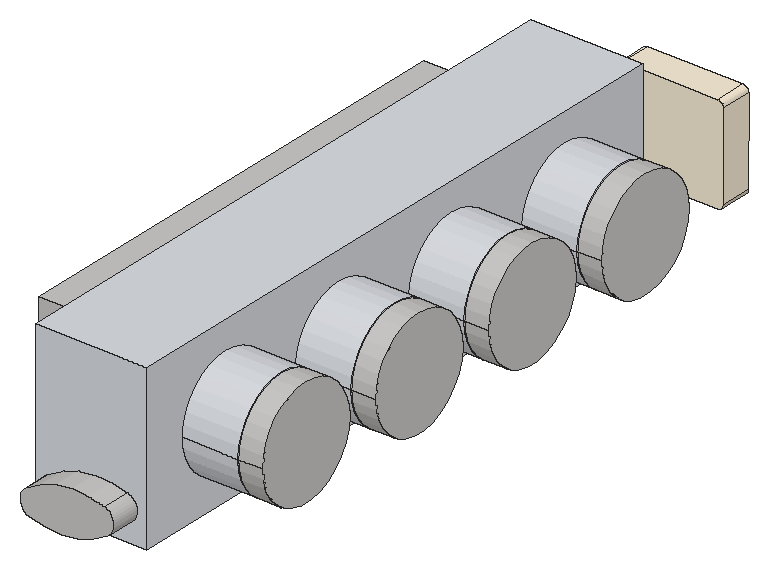
Revit family "HVAC_Ductwork_Airzone_Motorized-Plenum_Mitsubishi-Heavy_Standard_4-Dampers", category Mechanical Equipment, Revit 2016
Family settings
  Part Type = Normal
  Round Connector Dimension = Use Diameter
  OmniClass Number = 23.75.70.14
  OmniClass Title = Air Ductwork
  Work Plane-Based = No
  Always vertical = Yes
  Cut with Voids When Loaded = No
  Shared = No
  Room Calculation Point = No
Parameters (values of type "MHIST01M4")
  Voltage = 230 V
  URL = "www.airzone.es"
  Type Image Comments = "Image available in product documentation download"  # constant formula
  Revit Model Version = "1.0"  # constant formula
  Revit Model Author URL = "www.a3d.es"
  Revit Model Author = "A3D Consulting"  # constant formula
  Product Documentation Download URL = "http://doc.airzone.es/BIM/Easyzone/Mitsubishi_Heavy-Airzone_motorized_plenum.zip"
  Product Comments = "Refer to technical documentation for further details"  # constant formula
  Power Factor = 1
  Neck Width = 886.000 mm
  Neck Length = 95.000 mm
  Neck Height = 176.000 mm
  Material = Metal - AIRZONE - Galvanized Sheet - Semi-polished
  Main Control Board Material = Plastic - AIRZONE - Smooth - Off-white
  Load Classification = Other
  Insulated Body Width = 205.000 mm  # constant formula
  Insulated Body Material = Metal -AIRZONE - Insulating Lining -Aluminum Finish
  Insulated Body Length = 1140.000 mm  # constant formula
  Insulated Body Height = 300.000 mm  # constant formula
  Flow [instance] = Damper 4 Air Flow + Damper 3 Air Flow + Damper 2 Air Flow + Damper 1 Air Flow - Fresh Air Inlet 2 Flow - Fresh Air Inlet 1 Flow  # 1200 m³/h
  Fresh Air Inlet 1 Flow [instance] = 0 m³/h
  Fresh Air Inlet 2 Flow [instance] = 0 m³/h
  Fresh Air Inlet Connection Width = 175.000 mm
  Fresh Air Inlet Connection Height = 75.000 mm
  Model = "MHIST01M4"
  Neck Side Offset = 127.000 mm
  Neck Bottom Offset = 79.000 mm
  Type Image = <None>
  Manufacturer = "AIRZONE"  # constant formula
  Main Control Board Depth = 57.000 mm  # constant formula
  Main Control Board Width = 195.000 mm  # constant formula
  Main Control Board Height = 180.000 mm  # constant formula
  Fixing = ""
  Disclaimer = "All information provided in this model is reviewed before being published. However, Airzone cannot guarantee this model is error-free, therefore users are strongly encouraged to check for technical documentation and updates"  # constant formula
  Description = "Airzone standard motorized plenum with neck that mechanically adapts to the main ducted AC units of Mitsubishi Heavy."
  Type Comments = ""
  Dampers Length = 149.000 mm  # constant formula
  Dampers Diameter = 200.000 mm  # constant formula
  Damper 4 Air Flow [instance] = 300 m³/h
  Damper 1 Air Flow [instance] = 300 m³/h
  Damper 2 Air Flow [instance] = 300 m³/h
  Damper 3 Air Flow [instance] = 300 m³/h
  Fresh Air Inlet Connection Offset Height = 48.305 mm  # constant formula
  Compatible Accesories = ""
  Apparent Load = 57.5 VA
Types (2, lengths in mm): name | Neck Width | Model | Neck Side Offset
  MHIST01M4 | 886.000 | "MHIST01M4" | 127.000
  MHIST01S4 | 686.000 | "MHIST01S4" | 227.000
Reference planes
  plane 1 "Center (Front/Back)": y = 0
  plane 2 "Center (Elevation)": z = 0
  plane 3 "Center (Left/Right)": x = 0
  plane 4 "Neck Back": y = 443
  plane 5 "Neck Front": y = -443
  plane 6 "Neck Top": z = 88
  plane 7 "Neck Bottom": z = -88
  plane 8 "Left": x = 95
  plane 9 "Bottom": z = -167
  plane 10 "Top": z = 133
  plane 11 "Front": y = -570
  plane 12 "Back": y = 570
  plane 13 "Right": x = 300
  plane 14 "Dampers Front": x = 449
  plane 15 "Dampers Center (Elevation)": z = -17
  plane 16 "Damper3": y = -130
  plane 17 "Damper2": y = 130
  plane 18 "Damper1": y = 390
  plane 19 "Middle": y = 0
  plane 20 "FreshAir Center (Elevation)": z = -118.695
  plane 21 "FreshAir1": y = 622.5
  plane 22 "FreshAir2": y = -622.5
  plane 23 "Dampers Lining": x = 404
  plane 24 "FreshAir Vertical Axis": x = 195.83
  plane 25 "ConnectionBox Side": x = 254
  plane 26 "Main Control Board Center (Left/Right)": x = 351.5
  plane 27 "Damper4": y = -390
Forms (mm)
  Extrusion 1, solid, material "Metal - AIRZONE - Galvanized Sheet - Semi-polished" <- "Material"
    sketch origin (0, 0, 0) x (0, 1, 0) y (0, 0, 1)
      loop
        line (-443, 88) -> (-443, -88) -> (443, -88) -> (443, 88) -> (-443, 88)
    from 0 to 95
  Extrusion 2, solid, material "Metal -AIRZONE - Insulating Lining -Aluminum Finish" <- "Insulated Body Material"
    sketch origin (95, 0, 0) x (0, 1, 0) y (0, 0, 1)
      loop
        line (-570, 133) -> (-570, -167) -> (570, -167) -> (570, 133) -> (-570, 133)
    from 0 to 205
  Extrusion 3, solid, material "Metal - AIRZONE - Galvanized Sheet - Semi-polished" <- "Material"
    sketch origin (300, 0, 0) x (0, 1, 0) y (0, 0, 1)
      loop
        circle (-130, -17) r 100
    from 104 to 149
  Extrusion 4, solid, material "Metal - AIRZONE - Galvanized Sheet - Semi-polished" <- "Material"
    sketch origin (300, 0, 0) x (0, 1, 0) y (0, 0, 1)
      loop
        circle (130, -17) r 100
    from 104 to 149
  Extrusion 5, solid, material "Metal - AIRZONE - Galvanized Sheet - Semi-polished" <- "Material"
    sketch origin (300, 0, 0) x (0, 1, 0) y (0, 0, 1)
      loop
        circle (390, -17) r 100
    from 104 to 149
  Extrusion 6, solid, material "Metal - AIRZONE - Galvanized Sheet - Semi-polished" <- "Material"
    sketch origin (0, -570, 0) x (0, 0, 1) y (1, 0, 0)
      loop
        arc (-86.141, 265.204) -> (-107.608, 282.105) -> (-132.312, 270.434) r 25.96
        arc (-132.312, 270.434) -> (-158.302, 200.598) -> (-150.849, 126.456) r 164.67
        arc (-150.849, 126.456) -> (-129.665, 109.589) -> (-104.994, 120.751) r 25.96
        arc (-104.994, 120.751) -> (-78.725, 190.78) -> (-86.141, 265.204) r 164.67
    from 0 to -52.5
  Extrusion 7, solid, material "Metal - AIRZONE - Galvanized Sheet - Semi-polished" <- "Material"
    sketch origin (0, 570, 0) x (0, 0, 1) y (1, 0, 0)
      loop
        arc (-86.141, 265.204) -> (-107.325, 282.071) -> (-131.996, 270.909) r 25.96
        arc (-131.996, 270.909) -> (-158.179, 201.53) -> (-151.267, 127.699) r 164.67
        arc (-151.267, 127.699) -> (-130.032, 109.637) -> (-104.678, 121.226) r 25.96
        arc (-104.678, 121.226) -> (-78.688, 191.062) -> (-86.141, 265.204) r 164.67
    from 0 to 52.5
  Extrusion 8, solid, material "Metal -AIRZONE - Insulating Lining -Aluminum Finish" <- "Insulated Body Material"
    sketch origin (300, 0, 0) x (0, 1, 0) y (0, 0, 1)
      loop
        circle (390, -17) r 100
    from 0 to 104
  Extrusion 9, solid, material "Metal -AIRZONE - Insulating Lining -Aluminum Finish" <- "Insulated Body Material"
    sketch origin (300, -260, 0) x (0, 1, 0) y (0, 0, 1)
      loop
        circle (390, -17) r 100
    from 0 to 104
  Extrusion 10, solid, material "Metal -AIRZONE - Insulating Lining -Aluminum Finish" <- "Insulated Body Material"
    sketch origin (300, -520, 0) x (0, 1, 0) y (0, 0, 1)
      loop
        circle (390, -17) r 100
    from 0 to 104
  Extrusion 11, solid, material "Metal - AIRZONE - Galvanized Sheet - Semi-polished" <- "Material"
    sketch origin (300, -190, 0) x (0, 1, 0) y (0, 0, 1)
      loop
        circle (-200, -17) r 100
    from 104 to 149
  Extrusion 12, solid, material "Metal -AIRZONE - Insulating Lining -Aluminum Finish" <- "Insulated Body Material"
    sketch origin (300, -710, 0) x (0, 1, 0) y (0, 0, 1)
      loop
        circle (320, -17) r 100
    from 0 to 104
Lines and regions (mm)
  Masking region 1
    outline origin (0, 0, 0) x (1, 0, 0) y (0, 1, 0)
      loop
        line (95, 570) -> (95, -570) -> (300, -570) -> (300, 570) -> (95, 570)
  Masking region 2, detail levels medium+fine
    outline origin (0, 0, 0) x (1, 0, 0) y (0, 1, 0)
      loop
        line (0, 443) -> (0, -443) -> (95, -443) -> (95, 443) -> (0, 443)
  Masking region 3, detail levels medium+fine
    outline origin (0, 0, 0) x (1, 0, 0) y (0, 1, 0)
      loop
        line (300, -30) -> (300, -230) -> (449, -230) -> (449, -30) -> (300, -30)
  Masking region 4, detail levels medium+fine
    outline origin (0, 260, 0) x (1, 0, 0) y (0, 1, 0)
      loop
        line (300, -30) -> (300, -230) -> (449, -230) -> (449, -30) -> (300, -30)
  Masking region 5, detail levels medium+fine
    outline origin (0, 520, 0) x (1, 0, 0) y (0, 1, 0)
      loop
        line (300, -30) -> (300, -230) -> (449, -230) -> (449, -30) -> (300, -30)
  Masking region 6, detail levels medium+fine
    outline origin (0, 0, -118.695) x (1, 0, 0) y (0, 1, 0)
      loop
        line (108.33, 622.5) -> (108.33, 570) -> (283.33, 570) -> (283.33, 622.5) -> (108.33, 622.5)
  Masking region 7, detail levels medium+fine
    outline origin (0, 0, -118.695) x (1, 0, 0) y (0, 1, 0)
      loop
        line (108.33, -570) -> (108.33, -622.5) -> (283.33, -622.5) -> (283.33, -570) -> (108.33, -570)
  Masking region 8, detail levels medium+fine
    outline origin (0, 0, 133) x (0, -1, 0) y (1, 0, 0)
      loop
        line (-627, 254) -> (-570, 254) -> (-570, 449) -> (-627, 449) -> (-627, 254)
  Masking region 9, detail levels medium+fine
    outline origin (0, -190, 0) x (1, 0, 0) y (0, 1, 0)
      loop
        line (300, -100) -> (300, -300) -> (449, -300) -> (449, -100) -> (300, -100)
  symbolic lines, detail levels coarse
    curve 1: line (95, -570, 0) -> (300, 0, 0)
    curve 2: line (300, 0, 0) -> (95, 570, 0)
Dimensions and locks
  equal spacing: plane 4 "Neck Back", plane 1 "Center (Front/Back)", plane 5 "Neck Front"
  "Neck Width": plane 4 "Neck Back" to plane 5 "Neck Front"
  equal spacing: plane 6 "Neck Top", level, plane 7 "Neck Bottom"
  "Neck Height": plane 6 "Neck Top" to plane 7 "Neck Bottom"
  "Neck Length": plane 3 "Center (Left/Right)" to plane 8 "Left"
  "Neck Bottom Offset": plane 7 "Neck Bottom" to plane 9 "Bottom"
  "Insulated Body Height": plane 10 "Top" to plane 9 "Bottom"
  "Insulated Body Length": plane 12 "Back" to plane 11 "Front"
  "Insulated Body Width": plane 8 "Left" to plane 13 "Right"
  "Dampers Length": plane 13 "Right" to plane 14 "Dampers Front"
  equal spacing: plane 10 "Top", plane 15 "Dampers Center (Elevation)", plane 9 "Bottom"
  equal spacing: plane 12 "Back", plane 19 "Middle", plane 11 "Front"
  plane 8 "Left" to plane 13 "Right" = 205.000 mm
  "Fresh Air Inlet Connection Offset Height": plane 20 "FreshAir Center (Elevation)" to plane 9 "Bottom"
  locked: Extrusion 6 sketch curve to plane 9 "Bottom" at 56.47
  locked: plane 13 "Right" to Extrusion 6 sketch curve at 43.69
  locked: plane 13 "Right" to Extrusion 6 sketch curve at 164.65
  locked: Extrusion 6 sketch curve to plane 9 "Bottom" at 40.54
  locked: plane 13 "Right" to Extrusion 6 sketch curve at 87.91
  locked: plane 9 "Bottom" to Extrusion 6 sketch curve at 75.01
  locked: plane 13 "Right" to Extrusion 6 sketch curve at 120.43
  locked: Extrusion 6 sketch curve to plane 9 "Bottom" at 172.02
  locked: plane 13 "Right" to Extrusion 7 sketch curve at 43.69
  locked: Extrusion 7 sketch curve to plane 9 "Bottom" at 56.47
  locked: Extrusion 7 sketch curve to plane 9 "Bottom" at 40.54
  locked: plane 13 "Right" to Extrusion 7 sketch curve at 164.65
  locked: plane 13 "Right" to Extrusion 7 sketch curve at 120.43
  locked: Extrusion 7 sketch curve to plane 9 "Bottom" at 172.02
  locked: plane 9 "Bottom" to Extrusion 7 sketch curve at 75.01
  locked: plane 13 "Right" to Extrusion 7 sketch curve at 87.91
  "Neck Side Offset": plane 12 "Back" to plane 4 "Neck Back"
  locked: plane 21 "FreshAir1" to plane 12 "Back" at 52.5
  plane 11 "Front" to plane 22 "FreshAir2" = 52.500 mm
  locked: connector elem to plane 13 "Right" at 104.17
  locked: plane 20 "FreshAir Center (Elevation)" to connector elem
  locked: plane 13 "Right" to connector elem at 104.17
  locked: connector elem to plane 20 "FreshAir Center (Elevation)"
  locked: plane 23 "Dampers Lining" to plane 14 "Dampers Front" at 45
  locked: plane 24 "FreshAir Vertical Axis" to plane 13 "Right" at 104.17
  equal spacing: Masking region 3 sketch curve, plane 16 "Damper3", Masking region 3 sketch curve
  "Dampers Diameter": Masking region 3 sketch curve to Masking region 3 sketch curve
  "Dampers Diameter": Masking region 4 sketch curve to Masking region 4 sketch curve
  equal spacing: Masking region 5 sketch curve, plane 18 "Damper1", Masking region 5 sketch curve
  "Dampers Diameter": Masking region 5 sketch curve to Masking region 5 sketch curve
  equal spacing: Masking region 6 sketch curve, plane 24 "FreshAir Vertical Axis", Masking region 6 sketch curve
  "Fresh Air Inlet Connection Width": Masking region 6 sketch curve to Masking region 6 sketch curve
  equal spacing: Masking region 7 sketch curve, plane 24 "FreshAir Vertical Axis", Masking region 7 sketch curve
  "Fresh Air Inlet Connection Width": Masking region 7 sketch curve to Masking region 7 sketch curve
  "Main Control Board Depth": Masking region 8 sketch curve to plane 12 "Back"
  "Main Control Board Width": plane 25 "ConnectionBox Side" to plane 14 "Dampers Front"
  equal spacing: plane 25 "ConnectionBox Side", plane 26 "Main Control Board Center (Left/Right)", plane 14 "Dampers Front"
  locked: nested 1 to plane 10 "Top" at 10
  equal spacing: Masking region 4 sketch curve, plane 17 "Damper2", Masking region 4 sketch curve
  equal spacing: Masking region 9 sketch curve, plane 27 "Damper4", Masking region 9 sketch curve
  "Dampers Diameter": Masking region 9 sketch curve to Masking region 9 sketch curve
  plane 18 "Damper1" to plane 17 "Damper2" to plane 16 "Damper3" to plane 27 "Damper4" = 260.000 mm locked, 260.000 mm locked, 260.000 mm locked
  locked: plane 17 "Damper2" to plane 19 "Middle" at 130
  "Dampers Diameter": diameter of Extrusion 3 sketch curve
  "Dampers Diameter": diameter of Extrusion 4 sketch curve
  "Dampers Diameter": diameter of Extrusion 5 sketch curve
  radius of Extrusion 7 sketch curve = 164.670 mm  (x2)
  radius of Extrusion 7 sketch curve = 25.960 mm  (x2)
  radius of Extrusion 6 sketch curve = 164.670 mm  (x2)
  radius of Extrusion 6 sketch curve = 25.960 mm  (x2)
  "Dampers Diameter": diameter of Extrusion 8 sketch curve
  "Dampers Diameter": diameter of Extrusion 9 sketch curve
  "Dampers Diameter": diameter of Extrusion 10 sketch curve
  "Dampers Diameter": diameter of Extrusion 11 sketch curve
  "Dampers Diameter": diameter of Extrusion 12 sketch curve
  aligned and locked: level to plane 2 "Center (Elevation)"
  aligned and locked: plane 5 "Neck Front" to Extrusion 1 sketch curve
  aligned and locked: Extrusion 1 sketch curve to plane 6 "Neck Top"
  aligned and locked: Extrusion 1 sketch curve to plane 4 "Neck Back"
  aligned and locked: plane 7 "Neck Bottom" to Extrusion 1 sketch curve
  aligned and locked: Extrusion 1 to plane 3 "Center (Left/Right)"
  aligned and locked: Extrusion 2 sketch curve to plane 10 "Top"
  aligned and locked: Extrusion 2 sketch curve to plane 12 "Back"
  aligned and locked: plane 9 "Bottom" to Extrusion 2 sketch curve
  aligned and locked: plane 11 "Front" to Extrusion 2 sketch curve
  aligned and locked: plane 13 "Right" to Extrusion 2
  aligned and locked: Extrusion 2 to plane 8 "Left"
  aligned and locked: plane 16 "Damper3" to Extrusion 3 sketch curve
  aligned and locked: plane 15 "Dampers Center (Elevation)" to Extrusion 3 sketch curve
  aligned and locked: plane 15 "Dampers Center (Elevation)" to Extrusion 4 sketch curve
  aligned and locked: plane 18 "Damper1" to Extrusion 5 sketch curve
  aligned and locked: plane 15 "Dampers Center (Elevation)" to Extrusion 5 sketch curve
  aligned and locked: plane 14 "Dampers Front" to Extrusion 5
  aligned and locked: plane 14 "Dampers Front" to Extrusion 4
  aligned and locked: plane 14 "Dampers Front" to Extrusion 3
  aligned and locked: plane 8 "Left" to Extrusion 1
  aligned and locked: plane 22 "FreshAir2" to Extrusion 6
  aligned and locked: plane 21 "FreshAir1" to Extrusion 7
  aligned and locked: Extrusion 7 to plane 12 "Back"
  aligned and locked: plane 11 "Front" to Extrusion 6
  aligned and locked: Extrusion 5 to plane 23 "Dampers Lining"
  aligned and locked: Extrusion 5 to Extrusion 4
  aligned and locked: Extrusion 4 to Extrusion 3
  aligned and locked: plane 23 "Dampers Lining" to Extrusion 8
  aligned and locked: Extrusion 10 to plane 13 "Right"
  aligned and locked: plane 23 "Dampers Lining" to Extrusion 10
  aligned and locked: Extrusion 9 to plane 13 "Right"
  aligned and locked: plane 23 "Dampers Lining" to Extrusion 9
  aligned and locked: Extrusion 8 to plane 13 "Right"
  aligned and locked: Extrusion 9 to Extrusion 8
  aligned and locked: plane 18 "Damper1" to Extrusion 8 sketch curve
  aligned and locked: plane 15 "Dampers Center (Elevation)" to Extrusion 8 sketch curve
  aligned and locked: plane 15 "Dampers Center (Elevation)" to Extrusion 9 sketch curve
  aligned and locked: plane 16 "Damper3" to Extrusion 10 sketch curve
  aligned and locked: plane 15 "Dampers Center (Elevation)" to Extrusion 10 sketch curve
  aligned and locked: Masking region 1 sketch curve to plane 12 "Back"
  aligned and locked: plane 8 "Left" to Masking region 1 sketch curve
  aligned and locked: Masking region 1 sketch curve to plane 13 "Right"
  aligned and locked: plane 11 "Front" to Masking region 1 sketch curve
  aligned and locked: plane 5 "Neck Front" to Masking region 2 sketch curve
  aligned and locked: plane 3 "Center (Left/Right)" to Masking region 2 sketch curve
  aligned and locked: Masking region 2 sketch curve to plane 4 "Neck Back"
  aligned and locked: Masking region 2 sketch curve to plane 8 "Left"
  aligned and locked: plane 13 "Right" to Masking region 3 sketch curve
  aligned and locked: Masking region 3 sketch curve to plane 14 "Dampers Front"
  aligned and locked: plane 13 "Right" to Masking region 4 sketch curve
  aligned and locked: Masking region 4 sketch curve to plane 14 "Dampers Front"
  aligned and locked: plane 13 "Right" to Masking region 5 sketch curve
  aligned and locked: Masking region 5 sketch curve to plane 14 "Dampers Front"
  aligned and locked: plane 12 "Back" to Masking region 6 sketch curve
  aligned and locked: Masking region 6 sketch curve to plane 21 "FreshAir1"
  aligned and locked: Masking region 7 sketch curve to plane 11 "Front"
  aligned and locked: Masking region 7 sketch curve to plane 22 "FreshAir2"
  aligned and locked: plane 12 "Back" to Masking region 8 sketch curve
  aligned and locked: Masking region 8 sketch curve to plane 14 "Dampers Front"
  aligned and locked: plane 25 "ConnectionBox Side" to Masking region 8 sketch curve
  aligned and locked: plane 17 "Damper2" to Extrusion 9 sketch curve
  aligned and locked: plane 17 "Damper2" to Extrusion 4 sketch curve
  aligned and locked: Masking region 9 sketch curve to plane 14 "Dampers Front"
  aligned and locked: plane 13 "Right" to Masking region 9 sketch curve
  aligned and locked: Extrusion 12 to plane 13 "Right"
  aligned and locked: plane 23 "Dampers Lining" to Extrusion 12
  aligned and locked: Extrusion 11 to plane 23 "Dampers Lining"
  aligned and locked: plane 14 "Dampers Front" to Extrusion 11
  aligned and locked: plane 15 "Dampers Center (Elevation)" to Extrusion 12 sketch curve
  aligned and locked: plane 27 "Damper4" to Extrusion 12 sketch curve
  aligned and locked: plane 15 "Dampers Center (Elevation)" to Extrusion 11 sketch curve
  aligned and locked: plane 27 "Damper4" to Extrusion 11 sketch curve
  aligned and locked: nested 1 to plane 26 "Main Control Board Center (Left/Right)"
Automatic sketch dimensions
  curve 2 to plane 8 "Left" = 0.000 mm
  curve 1 to plane 8 "Left" = 0.000 mm
  curve 2 to plane 13 "Right" = 0.000 mm
  curve 1 to plane 11 "Front" = 0.000 mm
  curve 2 to plane 19 "Middle" = 0.000 mm
  curve 2 to plane 12 "Back" = 0.000 mm
Nested families
  nested 1: "Airzone_Main-Control-Board" at (351.5, 570, 33) x (-1, 0, 0) z (0, 1, 0), Extrusion <- "Main Control Board Depth", Height <- "Main Control Board Height", Width <- "Main Control Board Width", Material <- "Main Control Board Material", type "Standard"
    with Width 195.000 mm, Material Plastic - AIRZONE - Smooth - Off-white, Height 180.000 mm, Extrusion 57.000 mm
Connectors
  hvac at (449, -130, -17), driven by "Damper 3 Air Flow", driven by "Dampers Diameter"
    settings: on Extrusion 3, index 1, duct flow 300 m³/h, flow factor 0, pres drop 0.0 Pa, loss coef 0, conn angle 0.00°, conn width 304.8 mm, conn height 304.8 mm, conn diameter 200 mm, duct sys type 1, conn prof type 0, flow config 0, flow direction 2, loss method 0, conn ref index -1, conn util no, is conn primary no, conn desc "Supply Air Out 3"
  hvac at (449, 130, -17), driven by "Damper 2 Air Flow", driven by "Dampers Diameter"
    settings: on Extrusion 4, index 2, duct flow 300 m³/h, flow factor 0, pres drop 0.0 Pa, loss coef 0, conn angle 0.00°, conn width 304.8 mm, conn height 304.8 mm, conn diameter 200 mm, duct sys type 1, conn prof type 0, flow config 0, flow direction 2, loss method 0, conn ref index -1, conn util no, is conn primary no, conn desc "Supply Air Out 2"
  hvac at (449, 390, -17), driven by "Damper 1 Air Flow", driven by "Dampers Diameter"
    settings: on Extrusion 5, index 3, duct flow 300 m³/h, flow factor 0, pres drop 0.0 Pa, loss coef 0, conn angle 0.00°, conn width 304.8 mm, conn height 304.8 mm, conn diameter 200 mm, duct sys type 1, conn prof type 0, flow config 0, flow direction 2, loss method 0, conn ref index -1, conn util no, is conn primary no, conn desc "Supply Air Out 1"
  hvac at (0, 0, 0), driven by "Flow", driven by "Neck Height", driven by "Neck Width"
    settings: on Extrusion 1, index 6, duct flow 1200 m³/h, flow factor 0, pres drop 0.0 Pa, loss coef 0, conn angle 0.00°, conn width 886 mm, conn height 176 mm, conn diameter 609.6 mm, duct sys type 1, conn prof type 1, flow config 1, flow direction 1, loss method 0, conn ref index -1, conn util no, is conn primary yes, conn desc "Supply Air In"
  hvac at (195.83, -622.5, -118.695), driven by "Fresh Air Inlet 2 Flow", driven by "Fresh Air Inlet Connection Width", driven by "Fresh Air Inlet Connection Height"
    settings: index 7, duct flow 0 m³/h, flow factor 0, pres drop 0.0 Pa, loss coef 0, conn angle 0.00°, conn width 175 mm, conn height 75 mm, conn diameter 609.6 mm, duct sys type 1, conn prof type 2, flow config 1, flow direction 1, loss method 0, conn ref index -1, conn util no, is conn primary no, conn desc "Fresh Air In 2"
  hvac at (195.83, 622.5, -118.695), driven by "Fresh Air Inlet 1 Flow", driven by "Fresh Air Inlet Connection Height", driven by "Fresh Air Inlet Connection Width"
    settings: index 8, duct flow 0 m³/h, flow factor 0, pres drop 0.0 Pa, loss coef 0, conn angle 0.00°, conn width 175 mm, conn height 75 mm, conn diameter 609.6 mm, duct sys type 1, conn prof type 2, flow config 1, flow direction 1, loss method 0, conn ref index -1, conn util no, is conn primary no, conn desc "Fresh Air In 1"
  hvac at (449, -390, -17), driven by "Damper 4 Air Flow", driven by "Dampers Diameter"
    settings: on Extrusion 11, index 9, duct flow 300 m³/h, flow factor 0, pres drop 0.0 Pa, loss coef 0, conn angle 0.00°, conn width 304.8 mm, conn height 304.8 mm, conn diameter 200 mm, duct sys type 1, conn prof type 0, flow config 0, flow direction 2, loss method 0, conn ref index -1, conn util no, is conn primary no, conn desc "Supply Air Out 4"
  electrical at (351.5, 627, 33), driven by "Load Classification", driven by "Voltage", driven by "Apparent Load", driven by "Power Factor"
    settings: on nested 1, index 10, voltage 230 V, apparent load 57.5 VA, apparent load phase1 0 VA, apparent load phase2 0 VA, apparent load phase3 0 VA, power factor 1, load classification "Other", number of poles 1, system type 30, power factor state 1, is connector primary yes, connector utility no, sub classification motor no, connector description "Power Supply"
Definition of nested family "Airzone_Main-Control-Board"
  Parameters (values of type "Standard")
    Width [instance] = 195.000 mm
    URL = "www.airzone.es"
    Revit Model Version = "1.0"  # constant formula
    Revit Model Author URL = "www.a3d.es"
    Revit Model Author = "A3D Consulting"  # constant formula
    Material [instance] = none
    Manufacturer = "AIRZONE"  # constant formula
    Height [instance] = 180.000 mm
    Extrusion [instance] = 57.000 mm
    Default Elevation = 0.000 mm
  Reference planes
    plane 1 "Center (Front/Back)": y = 0
    plane 2: z = 0
    plane 3 "Center (Left/Right)": x = 0
    plane 4: y = 90
    plane 5: y = -90
    plane 6: x = 97.5
    plane 7: x = -97.5
  Forms (mm)
    Extrusion 1, solid, material <- "Material"
      sketch origin (0, 0, 0) x (1, 0, 0) y (0, 1, 0)
        loop
          arc (-87.5, 90) -> (-94.571, 87.071) -> (-97.5, 80) r 10
          line (-97.5, 80) -> (-97.5, -80)
          arc (-97.5, -80) -> (-94.571, -87.071) -> (-87.5, -90) r 10
          line (-87.5, -90) -> (87.5, -90)
          arc (87.5, -90) -> (94.571, -87.071) -> (97.5, -80) r 10
          line (97.5, -80) -> (97.5, 80)
          arc (97.5, 80) -> (94.571, 87.071) -> (87.5, 90) r 10
          line (87.5, 90) -> (-87.5, 90)
      from 0 to 57 <- "Extrusion"
  Dimensions and locks
    equal spacing: plane 7, plane 3 "Center (Left/Right)", plane 6
    equal spacing: plane 4, plane 1 "Center (Front/Back)", plane 5
    "Width": plane 7 to plane 6
    "Height": plane 4 to plane 5
    radius of Extrusion 1 sketch curve = 10.000 mm  (x4)
    aligned and locked: level to plane 2
    aligned and locked: plane 5 to Extrusion 1 sketch curve
    aligned and locked: Extrusion 1 sketch curve to plane 6
    aligned and locked: Extrusion 1 sketch curve to plane 4
    aligned and locked: plane 7 to Extrusion 1 sketch curve
